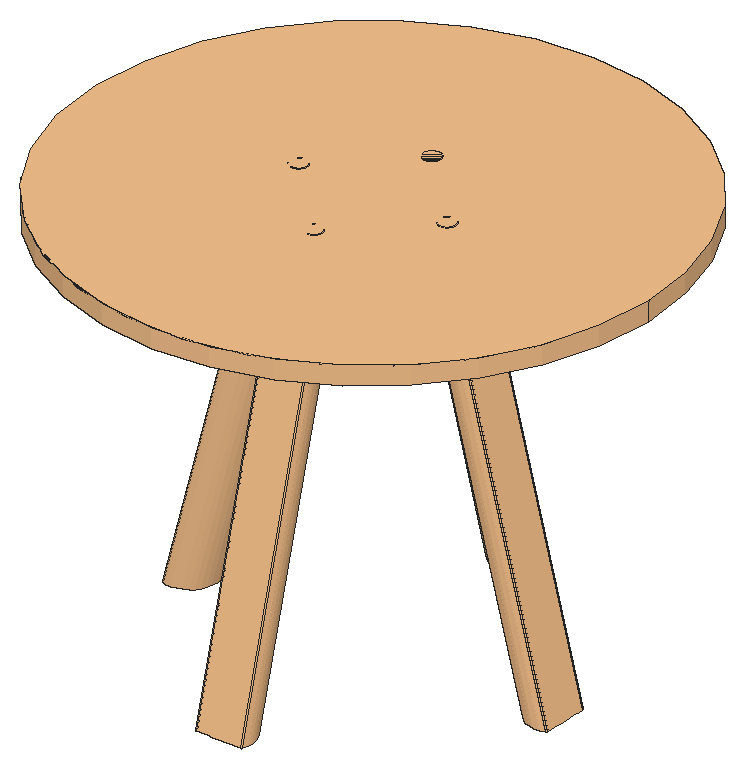
Revit family "Haworth_BuzziMilk_Collaborative_Table", category Furniture, Revit 2018
Family settings
  OmniClass Number = 23.40.70.14.64.21
  OmniClass Title = Systems Furniture
  Work Plane-Based = No
  Always vertical = Yes
  Cut with Voids When Loaded = No
  Shared = No
  Room Calculation Point = No
Parameters (values of type "HCBZ-MKTC-1")
  Warranty = "http://www.haworth.com/resources/product-info/warranties"
  URL - Product = "https://www.haworth.com/products/tables/side-tables/buzzimilk-table"
  URL = "http://www.haworth.com/our-brands/haworth-collection"
  Table Finish [instance] = Haworth _ Wood _ Collection _ Natural Ash (BAS-NAT)
  Size = "Verify Final Dim. w/ Haworth"  # constant formula
  Revision Number = "1"  # constant formula
  Radius = 19.68359"  # constant formula
  Model = "HCBZ-MKTC"  # constant formula
  Manufacturer = "Haworth"  # constant formula
  Description = "Haworth BuzziMilk Collaborative Table"  # constant formula
  Author = "Haworth (Abd Rahman)"  # constant formula
  Assembly Code = "E2020200"
  Actual Width = 39.37109"  # constant formula
  Actual Height = 28.94141"  # constant formula
  Actual Depth = 39.37109"  # constant formula
Reference planes (in)
  plane 1 "Center F/B": y = 1.75
  plane 2: z = 0
  plane 3 "Back": y = 21.43555
  plane 4 "Front": y = -17.93555
  plane 5 "Top": z = 28.94141
  plane 6 "Right": x = 42.14592
  plane 7 "Left": x = 2.77483
  plane 8: x = 22.46038
  plane 9: z = 27.63
  plane 10: z = 28.80201
Forms (in)
  Extrusion 1, solid, material "Haworth _ Wood _ Collection _ Natural Ash (BAS-NAT)" <- "Table Finish"
    sketch origin (0, 0, 0) x (1, 0, 0) y (0, 1, 0)
      loop
        circle (22.46038, 1.75) r 19.68359
    from 27.63 to 28.94141
  Extrusion 2, solid, material "Haworth _ Wood _ Collection _ Natural Ash (BAS-NAT)" <- "Table Finish"
    sketch origin (5.34105, 16.39445, 0) x (0.707107, -0.707107, 0) y (0.707107, 0.707107, 0)
      loop
        circle (18.67328, 5.48672) r 0.59315
      loop
        circle (26.24747, 5.48672) r 0.59315
      loop
        circle (18.67328, -1.98672) r 0.59315
      loop
        circle (26.24747, -1.98672) r 0.59315
    from 28.80201 to 28.94141
  Blend 3, solid, material "Haworth _ Wood _ Collection _ Natural Ash (BAS-NAT)" <- "Table Finish"
    base sketch origin (37.07654, -5.70392, 0) x (-0.707107, 0.707107, 0) y (-0.707107, -0.707107, 0)
      loop
        arc (4.80187, 13.6788) -> (4.77061, 13.61505) -> (4.78494, 13.54551) r 0.1097
        arc (4.78494, 13.54551) -> (7.69679, 13.01472) -> (7.12188, 15.91818) r 1.79006
        arc (7.12188, 15.91818) -> (7.06398, 15.91925) -> (7.01365, 15.8906) r 0.10938
        line (7.01365, 15.8906) -> (4.80187, 13.6788)
    top sketch origin (37.07654, -5.70392, 0) x (-0.707107, 0.707107, 0) y (-0.707107, -0.707107, 0)
      loop
        arc (10.00395, 8.48861) -> (9.97286, 8.43017) -> (9.97975, 8.36432) r 0.11328
        arc (9.97975, 8.36432) -> (12.88205, 7.7995) -> (12.31574, 10.70151) r 1.78267
        arc (12.31574, 10.70151) -> (12.25067, 10.70829) -> (12.19291, 10.67756) r 0.11199
        line (12.19291, 10.67756) -> (10.00395, 8.48861)
    from 0 to 27.63
  Blend 4, solid, material "Haworth _ Wood _ Collection _ Natural Ash (BAS-NAT)" <- "Table Finish"
    base sketch origin (15.00645, 16.36616, 0) x (0.707107, -0.707107, 0) y (0.707107, 0.707107, 0)
      loop
        line (4.80187, -13.6788) -> (7.01365, -15.8906)
        arc (7.01365, -15.8906) -> (7.06398, -15.91925) -> (7.12188, -15.91818) r 0.10938
        arc (7.12188, -15.91818) -> (7.69679, -13.01472) -> (4.78494, -13.54551) r 1.79006
        arc (4.78494, -13.54551) -> (4.77061, -13.61505) -> (4.80187, -13.6788) r 0.1097
    top sketch origin (15.00645, 16.36616, 0) x (0.707107, -0.707107, 0) y (0.707107, 0.707107, 0)
      loop
        line (10.00395, -8.48861) -> (12.19291, -10.67756)
        arc (12.19291, -10.67756) -> (12.25067, -10.70829) -> (12.31574, -10.70151) r 0.11199
        arc (12.31574, -10.70151) -> (12.88205, -7.7995) -> (9.97975, -8.36432) r 1.78267
        arc (9.97975, -8.36432) -> (9.97286, -8.43017) -> (10.00395, -8.48861) r 0.11328
    from 0 to 27.63
  Blend 5, solid, material "Haworth _ Wood _ Collection _ Natural Ash (BAS-NAT)" <- "Table Finish"
    base sketch origin (29.9143, -12.86616, 0) x (-0.707107, 0.707107, 0) y (-0.707107, -0.707107, 0)
      loop
        line (4.80187, -13.6788) -> (7.01365, -15.8906)
        arc (7.01365, -15.8906) -> (7.06398, -15.91925) -> (7.12188, -15.91818) r 0.10938
        arc (7.12188, -15.91818) -> (7.69679, -13.01472) -> (4.78494, -13.54551) r 1.79006
        arc (4.78494, -13.54551) -> (4.77061, -13.61505) -> (4.80187, -13.6788) r 0.1097
    top sketch origin (29.9143, -12.86616, 0) x (-0.707107, 0.707107, 0) y (-0.707107, -0.707107, 0)
      loop
        line (10.00395, -8.48861) -> (12.19291, -10.67756)
        arc (12.19291, -10.67756) -> (12.25067, -10.70829) -> (12.31574, -10.70151) r 0.11199
        arc (12.31574, -10.70151) -> (12.88205, -7.7995) -> (9.97975, -8.36432) r 1.78267
        arc (9.97975, -8.36432) -> (9.97286, -8.43017) -> (10.00395, -8.48861) r 0.11328
    from 0 to 27.63
  Blend 6, solid, material "Haworth _ Wood _ Collection _ Natural Ash (BAS-NAT)" <- "Table Finish"
    base sketch origin (7.84421, 9.20392, 0) x (0.707107, -0.707107, 0) y (0.707107, 0.707107, 0)
      loop
        arc (4.80187, 13.6788) -> (4.77061, 13.61505) -> (4.78494, 13.54551) r 0.1097
        arc (4.78494, 13.54551) -> (7.69679, 13.01472) -> (7.12188, 15.91818) r 1.79006
        arc (7.12188, 15.91818) -> (7.06398, 15.91925) -> (7.01365, 15.8906) r 0.10938
        line (7.01365, 15.8906) -> (4.80187, 13.6788)
    top sketch origin (7.84421, 9.20392, 0) x (0.707107, -0.707107, 0) y (0.707107, 0.707107, 0)
      loop
        arc (10.00395, 8.48861) -> (9.97286, 8.43017) -> (9.97975, 8.36432) r 0.11328
        arc (9.97975, 8.36432) -> (12.88205, 7.7995) -> (12.31574, 10.70151) r 1.78267
        arc (12.31574, 10.70151) -> (12.25067, 10.70829) -> (12.19291, 10.67756) r 0.11199
        line (12.19291, 10.67756) -> (10.00395, 8.48861)
    from 0 to 27.63
Cuts and joins
  joined: Extrusion 1, Blend 3, Blend 4, Blend 5, Blend 6
Lines and regions (in)
  Masking region 1
    outline origin (0, 0, 0) x (1, 0, 0) y (0, 1, 0)
      loop
        circle (22.46038, 1.75) r 19.68359
Dimensions and locks (in)
  "Actual Width": plane 7 "Left" to plane 6 "Right"
  "Actual Depth": plane 4 "Front" to plane 3 "Back"
  equal spacing: plane 4 "Front", plane 1 "Center F/B", plane 3 "Back"
  "Actual Height": plane 5 "Top" to level
  equal spacing: plane 7 "Left", plane 8, plane 6 "Right"
  plane 5 "Top" to plane 10 to plane 9 = 0.1394" locked, 1.17201" locked
  "Radius": radius of Extrusion 1 sketch curve
  aligned and locked: plane 8 to Extrusion 1 sketch curve
  aligned and locked: plane 1 "Center F/B" to Extrusion 1 sketch curve
  aligned and locked: plane 5 "Top" to Extrusion 1
  aligned and locked: plane 9 to Extrusion 1
  aligned and locked: Extrusion 2 to plane 10
  aligned and locked: plane 5 "Top" to Extrusion 2
  aligned and locked: Blend 3 to plane 9  (x2)
  aligned and locked: Extrusion 1 to plane 9
  aligned and locked: Blend 5 to plane 9
  aligned and locked: Blend 4 to plane 9
  aligned and locked: Blend 6 to plane 9
Automatic sketch dimensions
  Extrusion 2 sketch curve to plane 1 "Center F/B" = 0.03562"
  plane 8 to Extrusion 2 sketch curve = 5.32014"
  Extrusion 2 sketch curve to Extrusion 2 sketch curve = 0"  (x3)
  Extrusion 2 sketch curve to Extrusion 2 sketch curve = 7.57419"
  Extrusion 2 sketch curve to Extrusion 2 sketch curve = 7.47344"  (x2)
  plane 8 to Blend 3 sketch curve = 1.54836"
  plane 4 "Front" to Blend 3 sketch curve = 5.95468"
  Blend 3 sketch curve to Blend 3 sketch curve = 0.07757"  (x2)
  Blend 3 sketch curve to Blend 3 sketch curve = 1.54202"
  Blend 3 sketch curve to Blend 3 sketch curve = 0.59219"
  Blend 3 sketch curve to Blend 3 sketch curve = 0.07734"  (x2)
  Blend 3 sketch curve to Blend 3 sketch curve = 0.59205"
  Blend 3 sketch curve to Blend 3 sketch curve = 1.54241"
  Blend 3 sketch curve to Blend 3 sketch curve = 0.0945"
  plane 8 to Blend 3 sketch curve = 1.53994"
  Blend 3 sketch curve to plane 1 "Center F/B" = 6.38242"
  Blend 3 sketch curve to Blend 3 sketch curve = 0.0801"  (x2)
  Blend 3 sketch curve to Blend 3 sketch curve = 1.53714"
  Blend 3 sketch curve to Blend 3 sketch curve = 0.57172"
  Blend 3 sketch curve to Blend 3 sketch curve = 0.07919"  (x2)
  Blend 3 sketch curve to Blend 3 sketch curve = 0.5711"
  Blend 3 sketch curve to Blend 3 sketch curve = 1.53866"
  Blend 3 sketch curve to Blend 3 sketch curve = 0"
  Blend 4 sketch curve to plane 1 "Center F/B" = 1.54836"
  Blend 4 sketch curve to plane 7 "Left" = 5.95468"
  Blend 4 sketch curve to Blend 4 sketch curve = 0.07757"  (x2)
  Blend 4 sketch curve to Blend 4 sketch curve = 1.54202"
  Blend 4 sketch curve to Blend 4 sketch curve = 0.59219"
  Blend 4 sketch curve to Blend 4 sketch curve = 0.07734"  (x2)
  Blend 4 sketch curve to Blend 4 sketch curve = 0.59205"
  Blend 4 sketch curve to Blend 4 sketch curve = 1.54241"
  Blend 4 sketch curve to Blend 4 sketch curve = 0.0945"
  Blend 4 sketch curve to plane 1 "Center F/B" = 1.53994"
  plane 8 to Blend 4 sketch curve = 6.38242"
  Blend 4 sketch curve to Blend 4 sketch curve = 0.0801"  (x2)
  Blend 4 sketch curve to Blend 4 sketch curve = 1.53714"
  Blend 4 sketch curve to Blend 4 sketch curve = 0.57172"
  Blend 4 sketch curve to Blend 4 sketch curve = 0.07919"  (x2)
  Blend 4 sketch curve to Blend 4 sketch curve = 0.5711"
  Blend 4 sketch curve to Blend 4 sketch curve = 1.53866"
  Blend 4 sketch curve to Blend 4 sketch curve = 0"
  plane 1 "Center F/B" to Blend 5 sketch curve = 1.54836"
  Blend 5 sketch curve to plane 6 "Right" = 5.95468"
  Blend 5 sketch curve to Blend 5 sketch curve = 0.07757"  (x2)
  Blend 5 sketch curve to Blend 5 sketch curve = 1.54202"
  Blend 5 sketch curve to Blend 5 sketch curve = 0.59219"
  Blend 5 sketch curve to Blend 5 sketch curve = 0.07734"  (x2)
  Blend 5 sketch curve to Blend 5 sketch curve = 0.59205"
  Blend 5 sketch curve to Blend 5 sketch curve = 1.54241"
  Blend 5 sketch curve to Blend 5 sketch curve = 0.0945"
  plane 1 "Center F/B" to Blend 5 sketch curve = 1.53994"
  Blend 5 sketch curve to plane 8 = 6.38242"
  Blend 5 sketch curve to Blend 5 sketch curve = 0.0801"  (x2)
  Blend 5 sketch curve to Blend 5 sketch curve = 1.53714"
  Blend 5 sketch curve to Blend 5 sketch curve = 0.57172"
  Blend 5 sketch curve to Blend 5 sketch curve = 0.07919"  (x2)
  Blend 5 sketch curve to Blend 5 sketch curve = 0.5711"
  Blend 5 sketch curve to Blend 5 sketch curve = 1.53866"
  Blend 5 sketch curve to Blend 5 sketch curve = 0"
  Blend 6 sketch curve to plane 8 = 1.54836"
  plane 3 "Back" to Blend 6 sketch curve = 5.95468"
  Blend 6 sketch curve to Blend 6 sketch curve = 0.07757"  (x2)
  Blend 6 sketch curve to Blend 6 sketch curve = 1.54202"
  Blend 6 sketch curve to Blend 6 sketch curve = 0.59219"
  Blend 6 sketch curve to Blend 6 sketch curve = 0.07734"  (x2)
  Blend 6 sketch curve to Blend 6 sketch curve = 0.59205"
  Blend 6 sketch curve to Blend 6 sketch curve = 1.54241"
  Blend 6 sketch curve to Blend 6 sketch curve = 0.0945"
  Blend 6 sketch curve to plane 8 = 1.53994"
  plane 1 "Center F/B" to Blend 6 sketch curve = 6.38242"
  Blend 6 sketch curve to Blend 6 sketch curve = 0.0801"  (x2)
  Blend 6 sketch curve to Blend 6 sketch curve = 1.53714"
  Blend 6 sketch curve to Blend 6 sketch curve = 0.57172"
  Blend 6 sketch curve to Blend 6 sketch curve = 0.07919"  (x2)
  Blend 6 sketch curve to Blend 6 sketch curve = 0.5711"
  Blend 6 sketch curve to Blend 6 sketch curve = 1.53866"
  Blend 6 sketch curve to Blend 6 sketch curve = 0"
  plane 1 "Center F/B" to Masking region 1 sketch curve = 0"
  Masking region 1 sketch curve to plane 8 = 0"
  radius of Extrusion 2 sketch curve = 0.59315"  (x4)
  radius of Masking region 1 sketch curve = 19.68359"
